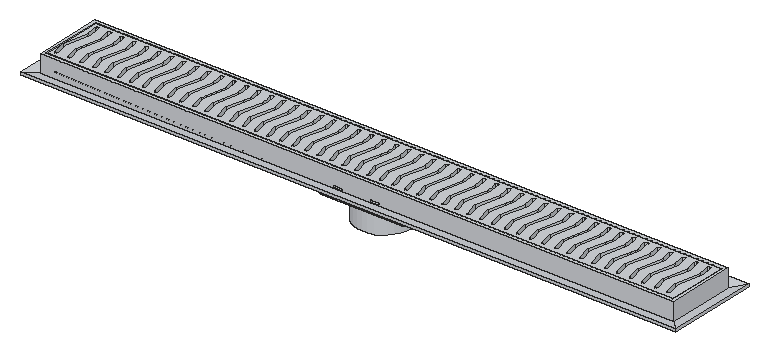
Revit family "Ralo Linear Grelha Branca - Caixas e Ralos - Esgoto - MEP - Tigre", category Plumbing Fixtures, host Face, Revit 2022
Family settings
  Host = Face
  Round Connector Dimension = Use Radius
  Part Type = Normal
  Cut with Voids When Loaded = Yes
  Maintain Annotation Orientation = No
  Shared = No
  Room Calculation Point = No
Parameters (values of type "RALO LINEAR 50CM FLAT GRELHA BRANCA CB")
  Vazios Grelha = 25
  URL = "http://www.tigre.com.br"
  Tigre: Sistema = "Esgoto"  # constant formula
  Tigre: Norma = ""
  Tigre: Material = "PVC Branco"
  Tigre: Marcador = "00"
  Tigre: Link do Produto = "http://www.tigre.com.br/pt/produtos_unico.php?rcr_id=4&cpr_id=10&cpr_id_pai=4&lnh_id=11&prd_id=129"
  Tigre: Linha = "Caixas e Ralos"  # constant formula
  Tigre: Fabricante = "© Tigre S/A"  # constant formula
  Tigre: Descrição = "Ralo Linear Grelha Branca 50cm, Esgoto - TIGRE"
  Tigre: Código com Separador = "100.01.890.2"
  Tigre: Código = 100018902
  Tigre: Comentários = ""
  Raio Nominal = Diâmetro Nominal / 2  # 20.00 mm
  Model = ""
  Manufacturer = Tigre: Fabricante  # "© Tigre S/A"
  Grelha [instance] = none
  Diâmetro Nominal = 40.00 mm
  Description = Tigre: Descrição  # "Ralo Linear Grelha Branca 50cm, Esgoto - TIGRE"
  Default Elevation = 0.00 mm
  Cota L = 503.00 mm
  Caixas e Ralos [instance] = none
Reference planes
  plane 1 "Center (Front/Back)": y = 0
  plane 2: z = 0
  plane 3 "Center (Left/Right)": x = 0
  plane 4: z = -100
  plane 5: z = 0
  plane 6: z = -25
  plane 7: z = 0
  plane 8: z = -12.46
  plane 9: z = -29.088
  plane 10: z = -32.467
  plane 11: x = -254
  plane 12: x = -251.5
  plane 13: x = 254
  plane 14: x = 251.5
  plane 15: y = 27.5
  plane 16: y = 25
  plane 17: y = -27.5
  plane 18: y = -25
  plane 19: z = -41
  plane 20: x = -250.999
  plane 21: y = 24.5
  plane 22: y = -24.5
  plane 23: x = 251
  plane 24: x = -263
  plane 25: y = 36.5
  plane 26: y = -36.5
  plane 27: x = 263
  plane 28: x = -65.5
  plane 29: x = -145.5
  plane 30: x = -225.5
  plane 31: x = 65.5
  plane 32: x = 145.5
  plane 33: x = 225.5
Forms (mm)
  Blend 1, solid, material <- "Caixas e Ralos", detail levels fine
    base sketch origin (0, 0, 6.5) x (0, 1, 0) y (0, 0, 1)
      loop
        line (-27.5, -6.5) -> (-27.5, -21.002) -> (-17.424, -21.002) -> (-16.876, -22.911)
        arc (-16.876, -22.911) -> (-16.157, -23.957) -> (-14.954, -24.36) r 2
        line (-14.954, -24.36) -> (14.954, -24.36)
        arc (14.954, -24.36) -> (16.157, -23.957) -> (16.876, -22.911) r 2
        line (16.876, -22.911) -> (17.424, -21.002) -> (27.5, -21.002) -> (27.5, -6.5) -> (-27.5, -6.5)
    top sketch origin (0, 0, 6.5) x (0, 1, 0) y (0, 0, 1)
      loop
        line (-27.5, -6.5) -> (-27.5, -21.301) -> (-20.644, -21.301) -> (-18.902, -27.301)
        arc (-18.902, -27.301) -> (-18.221, -28.447) -> (-16.966, -28.897) r 1.972
        line (-16.966, -28.897) -> (16.984, -28.897)
        arc (16.984, -28.897) -> (18.237, -28.447) -> (18.918, -27.304) r 1.97
        line (18.918, -27.304) -> (20.644, -21.301) -> (27.5, -21.301) -> (27.5, -6.5) -> (-27.5, -6.5)
    from 251.5 to 0
  Extrusion 2, solid, material <- "Caixas e Ralos", detail levels fine
    sketch origin (0, 0, 6.5) x (0, 1, 0) y (0, 0, 1)
      loop
        line (-27.5, -6.5) -> (-27.5, -21.002) -> (-17.424, -21.002) -> (-16.876, -22.911)
        arc (-16.876, -22.911) -> (-16.157, -23.957) -> (-14.954, -24.36) r 2
        line (-14.954, -24.36) -> (14.954, -24.36)
        arc (14.954, -24.36) -> (16.157, -23.957) -> (16.876, -22.911) r 2
        line (16.876, -22.911) -> (17.424, -21.002) -> (27.5, -21.002) -> (27.5, -6.5) -> (-27.5, -6.5)
    from 251.5 to 254
  Blend 3, solid, material <- "Caixas e Ralos", detail levels fine
    base sketch origin (0, 0, 6.5) x (0, 1, 0) y (0, 0, -1)
      loop
        line (-27.5, 6.5) -> (27.5, 6.5) -> (27.5, 21.002) -> (17.424, 21.002) -> (16.876, 22.911)
        arc (16.876, 22.911) -> (16.157, 23.957) -> (14.954, 24.36) r 2
        line (14.954, 24.36) -> (-14.954, 24.36)
        arc (-14.954, 24.36) -> (-16.157, 23.957) -> (-16.876, 22.911) r 2
        line (-16.876, 22.911) -> (-17.424, 21.002) -> (-27.5, 21.002) -> (-27.5, 6.5)
    top sketch origin (0, 0, 6.5) x (0, 1, 0) y (0, 0, -1)
      loop
        line (-27.5, 6.5) -> (27.5, 6.5) -> (27.5, 21.301) -> (20.644, 21.301) -> (18.918, 27.304)
        arc (18.918, 27.304) -> (18.237, 28.447) -> (16.984, 28.897) r 1.97
        line (16.984, 28.897) -> (-16.966, 28.897)
        arc (-16.966, 28.897) -> (-18.221, 28.447) -> (-18.902, 27.301) r 1.972
        line (-18.902, 27.301) -> (-20.644, 21.301) -> (-27.5, 21.301) -> (-27.5, 6.5)
    from 251.5 to 0
  Blend 4, void
    base sketch origin (0, 0, 6.5) x (0, 1, 0) y (0, 0, -1)
      loop
        line (25, 6.5) -> (25, 18.502) -> (15.54, 18.502) -> (14.577, 21.86) -> (-14.577, 21.86) -> (-15.54, 18.502) -> (-25, 18.502) -> (-25, 6.5) -> (25, 6.5)
    top sketch origin (0, 0, 6.5) x (0, 1, 0) y (0, 0, -1)
      loop
        line (25, 18.801) -> (18.762, 18.801) -> (16.577, 26.397) -> (-16.562, 26.397) -> (-18.767, 18.801) -> (-25, 18.801) -> (-25, 6.5) -> (25, 6.5) -> (25, 18.801)
    from 251.5 to 0
  Extrusion 5, solid, material <- "Caixas e Ralos", detail levels fine
    sketch origin (0, 0, 6.5) x (0, 1, 0) y (0, 0, -1)
      loop
        line (-27.5, 6.5) -> (27.5, 6.5) -> (27.5, 21.002) -> (17.424, 21.002) -> (16.876, 22.911)
        arc (16.876, 22.911) -> (16.157, 23.957) -> (14.954, 24.36) r 2
        line (14.954, 24.36) -> (-14.954, 24.36)
        arc (-14.954, 24.36) -> (-16.157, 23.957) -> (-16.876, 22.911) r 2
        line (-16.876, 22.911) -> (-17.424, 21.002) -> (-27.5, 21.002) -> (-27.5, 6.5)
    from 251.5 to 254
  Extrusion 6, solid, material <- "Caixas e Ralos", detail levels fine
    sketch origin (-193.051, -4572, -2.502) x (-1, 0, 0) y (0, -1, 0)
      loop
        line (-154.333, -4587.145) -> (-154.333, -4556.855)
        arc (-154.333, -4556.855) -> (-156.676, -4551.199) -> (-162.333, -4548.855) r 8
        line (-162.333, -4548.855) -> (-223.768, -4548.855)
        arc (-223.768, -4548.855) -> (-229.425, -4551.199) -> (-231.768, -4556.855) r 8
        line (-231.768, -4556.855) -> (-231.768, -4587.145)
        arc (-231.768, -4587.145) -> (-229.425, -4592.801) -> (-223.768, -4595.145) r 8
        line (-223.768, -4595.145) -> (-162.333, -4595.145)
        arc (-162.333, -4595.145) -> (-156.676, -4592.801) -> (-154.333, -4587.145) r 8
      loop
        line (-156.833, -4587.145) -> (-156.833, -4556.855)
        arc (-156.833, -4556.855) -> (-158.444, -4552.966) -> (-162.333, -4551.355) r 5.5
        line (-162.333, -4551.355) -> (-223.768, -4551.355)
        arc (-223.768, -4551.355) -> (-227.657, -4552.966) -> (-229.268, -4556.855) r 5.5
        line (-229.268, -4556.855) -> (-229.268, -4587.145)
        arc (-229.268, -4587.145) -> (-227.657, -4591.034) -> (-223.768, -4592.645) r 5.5
        line (-223.768, -4592.645) -> (-162.333, -4592.645)
        arc (-162.333, -4592.645) -> (-158.444, -4591.034) -> (-156.833, -4587.145) r 5.5
    from -20.216 to -9.958
  Extrusion 7, solid, material <- "Caixas e Ralos", detail levels fine
    sketch origin (-193.051, -4572, -2.502) x (-1, 0, 0) y (0, -1, 0)
      loop
        line (-154.333, -4587.145) -> (-154.333, -4556.855)
        arc (-154.333, -4556.855) -> (-156.676, -4551.199) -> (-162.333, -4548.855) r 8
        line (-162.333, -4548.855) -> (-223.768, -4548.855)
        arc (-223.768, -4548.855) -> (-229.425, -4551.199) -> (-231.768, -4556.855) r 8
        line (-231.768, -4556.855) -> (-231.768, -4587.145)
        arc (-231.768, -4587.145) -> (-229.425, -4592.801) -> (-223.768, -4595.145) r 8
        line (-223.768, -4595.145) -> (-162.333, -4595.145)
        arc (-162.333, -4595.145) -> (-156.676, -4592.801) -> (-154.333, -4587.145) r 8
      loop
        circle (-193.051, -4572) r 20
    from -22.498 to -20.216
  Extrusion 8, solid, material <- "Caixas e Ralos", detail levels fine
    sketch origin (-193.051, -4572, -2.502) x (-1, 0, 0) y (0, -1, 0)
      loop
        circle (-193.051, -4572) r 20
      loop
        circle (-193.051, -4572) r 22
    from -38.498 to -22.498
  Extrusion 9, void
    sketch origin (-193.051, -4572, -2.502) x (-1, 0, 0) y (0, -1, 0)
      loop
        circle (-193.051, -4572) r 19
    from -22.498 to -16.798
  Extrusion 10, solid, material <- "Caixas e Ralos", detail levels fine
    sketch origin (-193.051, -4572, -2.502) x (-1, 0, 0) y (0, -1, 0)
      loop
        line (69.949, -4608.5) -> (69.949, -4535.5) -> (-456.051, -4535.5) -> (-456.051, -4608.5) -> (69.949, -4608.5)
      loop
        line (-447.051, -4599.5) -> (60.949, -4599.5) -> (60.949, -4544.5) -> (-447.051, -4544.5) -> (-447.051, -4599.5)
    from -12 to -9.958
  Extrusion 11, solid, material <- "Grelha", detail levels fine
    sketch origin (-193.051, -4572, -9.002) x (-1, 0, 0) y (0, -1, 0)
      loop
        line (57.949, -4596.5) -> (57.949, -4547.5) -> (-444.051, -4547.5) -> (-444.051, -4596.5) -> (57.949, -4596.5)
    from 0 to 9.002
  Extrusion 12, void
    sketch origin (-183.051, -4572, -9.002) x (-1, 0, 0) y (0, -1, 0)
      loop
        line (-175.673, -4591.389) -> (-177.204, -4582.705) -> (-172.709, -4563.237) -> (-175.57, -4551.858)
        arc (-175.57, -4551.858) -> (-177.239, -4550.86) -> (-178.237, -4552.528) r 1.375
        line (-178.237, -4552.528) -> (-175.538, -4563.264) -> (-180.009, -4582.632) -> (-178.381, -4591.866)
        arc (-178.381, -4591.866) -> (-176.788, -4592.982) -> (-175.673, -4591.389) r 1.375
    from 0 to 9.002
  Extrusion 13, void
    sketch origin (-193.076, -4572, -9.002) x (-1, 0, 0) y (0, -1, 0)
      loop
        line (-175.673, -4591.389) -> (-177.204, -4582.705) -> (-172.709, -4563.237) -> (-175.57, -4551.858)
        arc (-175.57, -4551.858) -> (-177.239, -4550.86) -> (-178.237, -4552.528) r 1.375
        line (-178.237, -4552.528) -> (-175.538, -4563.264) -> (-180.009, -4582.632) -> (-178.381, -4591.866)
        arc (-178.381, -4591.866) -> (-176.788, -4592.982) -> (-175.673, -4591.389) r 1.375
    from 0 to 9.002
  Extrusion 14, void
    sketch origin (-203.101, -4572, -9.002) x (-1, 0, 0) y (0, -1, 0)
      loop
        line (-175.673, -4591.389) -> (-177.204, -4582.705) -> (-172.709, -4563.237) -> (-175.57, -4551.858)
        arc (-175.57, -4551.858) -> (-177.239, -4550.86) -> (-178.237, -4552.528) r 1.375
        line (-178.237, -4552.528) -> (-175.538, -4563.264) -> (-180.009, -4582.632) -> (-178.381, -4591.866)
        arc (-178.381, -4591.866) -> (-176.788, -4592.982) -> (-175.673, -4591.389) r 1.375
    from 0 to 9.002
  Extrusion 15, void
    sketch origin (-213.126, -4572, -9.002) x (-1, 0, 0) y (0, -1, 0)
      loop
        line (-175.673, -4591.389) -> (-177.204, -4582.705) -> (-172.709, -4563.237) -> (-175.57, -4551.858)
        arc (-175.57, -4551.858) -> (-177.239, -4550.86) -> (-178.237, -4552.528) r 1.375
        line (-178.237, -4552.528) -> (-175.538, -4563.264) -> (-180.009, -4582.632) -> (-178.381, -4591.866)
        arc (-178.381, -4591.866) -> (-176.788, -4592.982) -> (-175.673, -4591.389) r 1.375
    from 0 to 9.002
  Extrusion 16, void
    sketch origin (-223.151, -4572, -9.002) x (-1, 0, 0) y (0, -1, 0)
      loop
        line (-175.673, -4591.389) -> (-177.204, -4582.705) -> (-172.709, -4563.237) -> (-175.57, -4551.858)
        arc (-175.57, -4551.858) -> (-177.239, -4550.86) -> (-178.237, -4552.528) r 1.375
        line (-178.237, -4552.528) -> (-175.538, -4563.264) -> (-180.009, -4582.632) -> (-178.381, -4591.866)
        arc (-178.381, -4591.866) -> (-176.788, -4592.982) -> (-175.673, -4591.389) r 1.375
    from 0 to 9.002
  Extrusion 17, void
    sketch origin (-233.176, -4572, -9.002) x (-1, 0, 0) y (0, -1, 0)
      loop
        line (-175.673, -4591.389) -> (-177.204, -4582.705) -> (-172.709, -4563.237) -> (-175.57, -4551.858)
        arc (-175.57, -4551.858) -> (-177.239, -4550.86) -> (-178.237, -4552.528) r 1.375
        line (-178.237, -4552.528) -> (-175.538, -4563.264) -> (-180.009, -4582.632) -> (-178.381, -4591.866)
        arc (-178.381, -4591.866) -> (-176.788, -4592.982) -> (-175.673, -4591.389) r 1.375
    from 0 to 9.002
  Extrusion 18, void
    sketch origin (-243.202, -4572, -9.002) x (-1, 0, 0) y (0, -1, 0)
      loop
        line (-175.673, -4591.389) -> (-177.204, -4582.705) -> (-172.709, -4563.237) -> (-175.57, -4551.858)
        arc (-175.57, -4551.858) -> (-177.239, -4550.86) -> (-178.237, -4552.528) r 1.375
        line (-178.237, -4552.528) -> (-175.538, -4563.264) -> (-180.009, -4582.632) -> (-178.381, -4591.866)
        arc (-178.381, -4591.866) -> (-176.788, -4592.982) -> (-175.673, -4591.389) r 1.375
    from 0 to 9.002
  Extrusion 19, void
    sketch origin (-253.227, -4572, -9.002) x (-1, 0, 0) y (0, -1, 0)
      loop
        line (-175.673, -4591.389) -> (-177.204, -4582.705) -> (-172.709, -4563.237) -> (-175.57, -4551.858)
        arc (-175.57, -4551.858) -> (-177.239, -4550.86) -> (-178.237, -4552.528) r 1.375
        line (-178.237, -4552.528) -> (-175.538, -4563.264) -> (-180.009, -4582.632) -> (-178.381, -4591.866)
        arc (-178.381, -4591.866) -> (-176.788, -4592.982) -> (-175.673, -4591.389) r 1.375
    from 0 to 9.002
  Extrusion 20, void
    sketch origin (-263.252, -4572, -9.002) x (-1, 0, 0) y (0, -1, 0)
      loop
        line (-175.673, -4591.389) -> (-177.204, -4582.705) -> (-172.709, -4563.237) -> (-175.57, -4551.858)
        arc (-175.57, -4551.858) -> (-177.239, -4550.86) -> (-178.237, -4552.528) r 1.375
        line (-178.237, -4552.528) -> (-175.538, -4563.264) -> (-180.009, -4582.632) -> (-178.381, -4591.866)
        arc (-178.381, -4591.866) -> (-176.788, -4592.982) -> (-175.673, -4591.389) r 1.375
    from 0 to 9.002
  Extrusion 21, void
    sketch origin (-273.277, -4572, -9.002) x (-1, 0, 0) y (0, -1, 0)
      loop
        line (-175.673, -4591.389) -> (-177.204, -4582.705) -> (-172.709, -4563.237) -> (-175.57, -4551.858)
        arc (-175.57, -4551.858) -> (-177.239, -4550.86) -> (-178.237, -4552.528) r 1.375
        line (-178.237, -4552.528) -> (-175.538, -4563.264) -> (-180.009, -4582.632) -> (-178.381, -4591.866)
        arc (-178.381, -4591.866) -> (-176.788, -4592.982) -> (-175.673, -4591.389) r 1.375
    from 0 to 9.002
  Extrusion 22, void
    sketch origin (-283.302, -4572, -9.002) x (-1, 0, 0) y (0, -1, 0)
      loop
        line (-175.673, -4591.389) -> (-177.204, -4582.705) -> (-172.709, -4563.237) -> (-175.57, -4551.858)
        arc (-175.57, -4551.858) -> (-177.239, -4550.86) -> (-178.237, -4552.528) r 1.375
        line (-178.237, -4552.528) -> (-175.538, -4563.264) -> (-180.009, -4582.632) -> (-178.381, -4591.866)
        arc (-178.381, -4591.866) -> (-176.788, -4592.982) -> (-175.673, -4591.389) r 1.375
    from 0 to 9.002
  Extrusion 23, void
    sketch origin (-293.327, -4572, -9.002) x (-1, 0, 0) y (0, -1, 0)
      loop
        line (-175.673, -4591.389) -> (-177.204, -4582.705) -> (-172.709, -4563.237) -> (-175.57, -4551.858)
        arc (-175.57, -4551.858) -> (-177.239, -4550.86) -> (-178.237, -4552.528) r 1.375
        line (-178.237, -4552.528) -> (-175.538, -4563.264) -> (-180.009, -4582.632) -> (-178.381, -4591.866)
        arc (-178.381, -4591.866) -> (-176.788, -4592.982) -> (-175.673, -4591.389) r 1.375
    from 0 to 9.002
  Extrusion 24, void
    sketch origin (-303.352, -4572, -9.002) x (-1, 0, 0) y (0, -1, 0)
      loop
        line (-175.673, -4591.389) -> (-177.204, -4582.705) -> (-172.709, -4563.237) -> (-175.57, -4551.858)
        arc (-175.57, -4551.858) -> (-177.239, -4550.86) -> (-178.237, -4552.528) r 1.375
        line (-178.237, -4552.528) -> (-175.538, -4563.264) -> (-180.009, -4582.632) -> (-178.381, -4591.866)
        arc (-178.381, -4591.866) -> (-176.788, -4592.982) -> (-175.673, -4591.389) r 1.375
    from 0 to 9.002
  Extrusion 25, void
    sketch origin (-313.378, -4572, -9.002) x (-1, 0, 0) y (0, -1, 0)
      loop
        line (-175.673, -4591.389) -> (-177.204, -4582.705) -> (-172.709, -4563.237) -> (-175.57, -4551.858)
        arc (-175.57, -4551.858) -> (-177.239, -4550.86) -> (-178.237, -4552.528) r 1.375
        line (-178.237, -4552.528) -> (-175.538, -4563.264) -> (-180.009, -4582.632) -> (-178.381, -4591.866)
        arc (-178.381, -4591.866) -> (-176.788, -4592.982) -> (-175.673, -4591.389) r 1.375
    from 0 to 9.002
  Extrusion 26, void
    sketch origin (-323.403, -4572, -9.002) x (-1, 0, 0) y (0, -1, 0)
      loop
        line (-175.673, -4591.389) -> (-177.204, -4582.705) -> (-172.709, -4563.237) -> (-175.57, -4551.858)
        arc (-175.57, -4551.858) -> (-177.239, -4550.86) -> (-178.237, -4552.528) r 1.375
        line (-178.237, -4552.528) -> (-175.538, -4563.264) -> (-180.009, -4582.632) -> (-178.381, -4591.866)
        arc (-178.381, -4591.866) -> (-176.788, -4592.982) -> (-175.673, -4591.389) r 1.375
    from 0 to 9.002
  Extrusion 27, void
    sketch origin (-333.428, -4572, -9.002) x (-1, 0, 0) y (0, -1, 0)
      loop
        line (-175.673, -4591.389) -> (-177.204, -4582.705) -> (-172.709, -4563.237) -> (-175.57, -4551.858)
        arc (-175.57, -4551.858) -> (-177.239, -4550.86) -> (-178.237, -4552.528) r 1.375
        line (-178.237, -4552.528) -> (-175.538, -4563.264) -> (-180.009, -4582.632) -> (-178.381, -4591.866)
        arc (-178.381, -4591.866) -> (-176.788, -4592.982) -> (-175.673, -4591.389) r 1.375
    from 0 to 9.002
  Extrusion 28, void
    sketch origin (-343.453, -4572, -9.002) x (-1, 0, 0) y (0, -1, 0)
      loop
        line (-175.673, -4591.389) -> (-177.204, -4582.705) -> (-172.709, -4563.237) -> (-175.57, -4551.858)
        arc (-175.57, -4551.858) -> (-177.239, -4550.86) -> (-178.237, -4552.528) r 1.375
        line (-178.237, -4552.528) -> (-175.538, -4563.264) -> (-180.009, -4582.632) -> (-178.381, -4591.866)
        arc (-178.381, -4591.866) -> (-176.788, -4592.982) -> (-175.673, -4591.389) r 1.375
    from 0 to 9.002
  Extrusion 29, void
    sketch origin (-353.478, -4572, -9.002) x (-1, 0, 0) y (0, -1, 0)
      loop
        line (-175.673, -4591.389) -> (-177.204, -4582.705) -> (-172.709, -4563.237) -> (-175.57, -4551.858)
        arc (-175.57, -4551.858) -> (-177.239, -4550.86) -> (-178.237, -4552.528) r 1.375
        line (-178.237, -4552.528) -> (-175.538, -4563.264) -> (-180.009, -4582.632) -> (-178.381, -4591.866)
        arc (-178.381, -4591.866) -> (-176.788, -4592.982) -> (-175.673, -4591.389) r 1.375
    from 0 to 9.002
  Extrusion 30, void
    sketch origin (-363.503, -4572, -9.002) x (-1, 0, 0) y (0, -1, 0)
      loop
        line (-175.673, -4591.389) -> (-177.204, -4582.705) -> (-172.709, -4563.237) -> (-175.57, -4551.858)
        arc (-175.57, -4551.858) -> (-177.239, -4550.86) -> (-178.237, -4552.528) r 1.375
        line (-178.237, -4552.528) -> (-175.538, -4563.264) -> (-180.009, -4582.632) -> (-178.381, -4591.866)
        arc (-178.381, -4591.866) -> (-176.788, -4592.982) -> (-175.673, -4591.389) r 1.375
    from 0 to 9.002
  Extrusion 31, void
    sketch origin (-373.528, -4572, -9.002) x (-1, 0, 0) y (0, -1, 0)
      loop
        line (-175.673, -4591.389) -> (-177.204, -4582.705) -> (-172.709, -4563.237) -> (-175.57, -4551.858)
        arc (-175.57, -4551.858) -> (-177.239, -4550.86) -> (-178.237, -4552.528) r 1.375
        line (-178.237, -4552.528) -> (-175.538, -4563.264) -> (-180.009, -4582.632) -> (-178.381, -4591.866)
        arc (-178.381, -4591.866) -> (-176.788, -4592.982) -> (-175.673, -4591.389) r 1.375
    from 0 to 9.002
  Extrusion 32, void
    sketch origin (-383.554, -4572, -9.002) x (-1, 0, 0) y (0, -1, 0)
      loop
        line (-175.673, -4591.389) -> (-177.204, -4582.705) -> (-172.709, -4563.237) -> (-175.57, -4551.858)
        arc (-175.57, -4551.858) -> (-177.239, -4550.86) -> (-178.237, -4552.528) r 1.375
        line (-178.237, -4552.528) -> (-175.538, -4563.264) -> (-180.009, -4582.632) -> (-178.381, -4591.866)
        arc (-178.381, -4591.866) -> (-176.788, -4592.982) -> (-175.673, -4591.389) r 1.375
    from 0 to 9.002
  Extrusion 33, void
    sketch origin (-393.579, -4572, -9.002) x (-1, 0, 0) y (0, -1, 0)
      loop
        line (-175.673, -4591.389) -> (-177.204, -4582.705) -> (-172.709, -4563.237) -> (-175.57, -4551.858)
        arc (-175.57, -4551.858) -> (-177.239, -4550.86) -> (-178.237, -4552.528) r 1.375
        line (-178.237, -4552.528) -> (-175.538, -4563.264) -> (-180.009, -4582.632) -> (-178.381, -4591.866)
        arc (-178.381, -4591.866) -> (-176.788, -4592.982) -> (-175.673, -4591.389) r 1.375
    from 0 to 9.002
  Extrusion 34, void
    sketch origin (-403.604, -4572, -9.002) x (-1, 0, 0) y (0, -1, 0)
      loop
        line (-175.673, -4591.389) -> (-177.204, -4582.705) -> (-172.709, -4563.237) -> (-175.57, -4551.858)
        arc (-175.57, -4551.858) -> (-177.239, -4550.86) -> (-178.237, -4552.528) r 1.375
        line (-178.237, -4552.528) -> (-175.538, -4563.264) -> (-180.009, -4582.632) -> (-178.381, -4591.866)
        arc (-178.381, -4591.866) -> (-176.788, -4592.982) -> (-175.673, -4591.389) r 1.375
    from 0 to 9.002
  Extrusion 35, void
    sketch origin (-413.629, -4572, -9.002) x (-1, 0, 0) y (0, -1, 0)
      loop
        line (-175.673, -4591.389) -> (-177.204, -4582.705) -> (-172.709, -4563.237) -> (-175.57, -4551.858)
        arc (-175.57, -4551.858) -> (-177.239, -4550.86) -> (-178.237, -4552.528) r 1.375
        line (-178.237, -4552.528) -> (-175.538, -4563.264) -> (-180.009, -4582.632) -> (-178.381, -4591.866)
        arc (-178.381, -4591.866) -> (-176.788, -4592.982) -> (-175.673, -4591.389) r 1.375
    from 0 to 9.002
  Extrusion 36, void
    sketch origin (-423.654, -4572, -9.002) x (-1, 0, 0) y (0, -1, 0)
      loop
        line (-175.673, -4591.389) -> (-177.204, -4582.705) -> (-172.709, -4563.237) -> (-175.57, -4551.858)
        arc (-175.57, -4551.858) -> (-177.239, -4550.86) -> (-178.237, -4552.528) r 1.375
        line (-178.237, -4552.528) -> (-175.538, -4563.264) -> (-180.009, -4582.632) -> (-178.381, -4591.866)
        arc (-178.381, -4591.866) -> (-176.788, -4592.982) -> (-175.673, -4591.389) r 1.375
    from 0 to 9.002
  Extrusion 37, void
    sketch origin (-173.026, -4572, -9.002) x (-1, 0, 0) y (0, -1, 0)
      loop
        line (-175.673, -4591.389) -> (-177.204, -4582.705) -> (-172.709, -4563.237) -> (-175.57, -4551.858)
        arc (-175.57, -4551.858) -> (-177.239, -4550.86) -> (-178.237, -4552.528) r 1.375
        line (-178.237, -4552.528) -> (-175.538, -4563.264) -> (-180.009, -4582.632) -> (-178.381, -4591.866)
        arc (-178.381, -4591.866) -> (-176.788, -4592.982) -> (-175.673, -4591.389) r 1.375
    from 0 to 9.002
  Extrusion 38, void
    sketch origin (-163, -4572, -9.002) x (-1, 0, 0) y (0, -1, 0)
      loop
        line (-175.673, -4591.389) -> (-177.204, -4582.705) -> (-172.709, -4563.237) -> (-175.57, -4551.858)
        arc (-175.57, -4551.858) -> (-177.239, -4550.86) -> (-178.237, -4552.528) r 1.375
        line (-178.237, -4552.528) -> (-175.538, -4563.264) -> (-180.009, -4582.632) -> (-178.381, -4591.866)
        arc (-178.381, -4591.866) -> (-176.788, -4592.982) -> (-175.673, -4591.389) r 1.375
    from 0 to 9.002
  Extrusion 39, void
    sketch origin (-152.975, -4572, -9.002) x (-1, 0, 0) y (0, -1, 0)
      loop
        line (-175.673, -4591.389) -> (-177.204, -4582.705) -> (-172.709, -4563.237) -> (-175.57, -4551.858)
        arc (-175.57, -4551.858) -> (-177.239, -4550.86) -> (-178.237, -4552.528) r 1.375
        line (-178.237, -4552.528) -> (-175.538, -4563.264) -> (-180.009, -4582.632) -> (-178.381, -4591.866)
        arc (-178.381, -4591.866) -> (-176.788, -4592.982) -> (-175.673, -4591.389) r 1.375
    from 0 to 9.002
  Extrusion 40, void
    sketch origin (-142.95, -4572, -9.002) x (-1, 0, 0) y (0, -1, 0)
      loop
        line (-175.673, -4591.389) -> (-177.204, -4582.705) -> (-172.709, -4563.237) -> (-175.57, -4551.858)
        arc (-175.57, -4551.858) -> (-177.239, -4550.86) -> (-178.237, -4552.528) r 1.375
        line (-178.237, -4552.528) -> (-175.538, -4563.264) -> (-180.009, -4582.632) -> (-178.381, -4591.866)
        arc (-178.381, -4591.866) -> (-176.788, -4592.982) -> (-175.673, -4591.389) r 1.375
    from 0 to 9.002
  Extrusion 41, void
    sketch origin (-132.925, -4572, -9.002) x (-1, 0, 0) y (0, -1, 0)
      loop
        line (-175.673, -4591.389) -> (-177.204, -4582.705) -> (-172.709, -4563.237) -> (-175.57, -4551.858)
        arc (-175.57, -4551.858) -> (-177.239, -4550.86) -> (-178.237, -4552.528) r 1.375
        line (-178.237, -4552.528) -> (-175.538, -4563.264) -> (-180.009, -4582.632) -> (-178.381, -4591.866)
        arc (-178.381, -4591.866) -> (-176.788, -4592.982) -> (-175.673, -4591.389) r 1.375
    from 0 to 9.002
  Extrusion 42, void
    sketch origin (-122.9, -4572, -9.002) x (-1, 0, 0) y (0, -1, 0)
      loop
        line (-175.673, -4591.389) -> (-177.204, -4582.705) -> (-172.709, -4563.237) -> (-175.57, -4551.858)
        arc (-175.57, -4551.858) -> (-177.239, -4550.86) -> (-178.237, -4552.528) r 1.375
        line (-178.237, -4552.528) -> (-175.538, -4563.264) -> (-180.009, -4582.632) -> (-178.381, -4591.866)
        arc (-178.381, -4591.866) -> (-176.788, -4592.982) -> (-175.673, -4591.389) r 1.375
    from 0 to 9.002
  Extrusion 43, void
    sketch origin (-112.875, -4572, -9.002) x (-1, 0, 0) y (0, -1, 0)
      loop
        line (-175.673, -4591.389) -> (-177.204, -4582.705) -> (-172.709, -4563.237) -> (-175.57, -4551.858)
        arc (-175.57, -4551.858) -> (-177.239, -4550.86) -> (-178.237, -4552.528) r 1.375
        line (-178.237, -4552.528) -> (-175.538, -4563.264) -> (-180.009, -4582.632) -> (-178.381, -4591.866)
        arc (-178.381, -4591.866) -> (-176.788, -4592.982) -> (-175.673, -4591.389) r 1.375
    from 0 to 9.002
  Extrusion 44, void
    sketch origin (-102.85, -4572, -9.002) x (-1, 0, 0) y (0, -1, 0)
      loop
        line (-175.673, -4591.389) -> (-177.204, -4582.705) -> (-172.709, -4563.237) -> (-175.57, -4551.858)
        arc (-175.57, -4551.858) -> (-177.239, -4550.86) -> (-178.237, -4552.528) r 1.375
        line (-178.237, -4552.528) -> (-175.538, -4563.264) -> (-180.009, -4582.632) -> (-178.381, -4591.866)
        arc (-178.381, -4591.866) -> (-176.788, -4592.982) -> (-175.673, -4591.389) r 1.375
    from 0 to 9.002
  Extrusion 45, void
    sketch origin (-92.824, -4572, -9.002) x (-1, 0, 0) y (0, -1, 0)
      loop
        line (-175.673, -4591.389) -> (-177.204, -4582.705) -> (-172.709, -4563.237) -> (-175.57, -4551.858)
        arc (-175.57, -4551.858) -> (-177.239, -4550.86) -> (-178.237, -4552.528) r 1.375
        line (-178.237, -4552.528) -> (-175.538, -4563.264) -> (-180.009, -4582.632) -> (-178.381, -4591.866)
        arc (-178.381, -4591.866) -> (-176.788, -4592.982) -> (-175.673, -4591.389) r 1.375
    from 0 to 9.002
  Extrusion 46, void
    sketch origin (-82.799, -4572, -9.002) x (-1, 0, 0) y (0, -1, 0)
      loop
        line (-175.673, -4591.389) -> (-177.204, -4582.705) -> (-172.709, -4563.237) -> (-175.57, -4551.858)
        arc (-175.57, -4551.858) -> (-177.239, -4550.86) -> (-178.237, -4552.528) r 1.375
        line (-178.237, -4552.528) -> (-175.538, -4563.264) -> (-180.009, -4582.632) -> (-178.381, -4591.866)
        arc (-178.381, -4591.866) -> (-176.788, -4592.982) -> (-175.673, -4591.389) r 1.375
    from 0 to 9.002
  Extrusion 47, void
    sketch origin (-72.774, -4572, -9.002) x (-1, 0, 0) y (0, -1, 0)
      loop
        line (-175.673, -4591.389) -> (-177.204, -4582.705) -> (-172.709, -4563.237) -> (-175.57, -4551.858)
        arc (-175.57, -4551.858) -> (-177.239, -4550.86) -> (-178.237, -4552.528) r 1.375
        line (-178.237, -4552.528) -> (-175.538, -4563.264) -> (-180.009, -4582.632) -> (-178.381, -4591.866)
        arc (-178.381, -4591.866) -> (-176.788, -4592.982) -> (-175.673, -4591.389) r 1.375
    from 0 to 9.002
  Extrusion 48, void
    sketch origin (-62.749, -4572, -9.002) x (-1, 0, 0) y (0, -1, 0)
      loop
        line (-175.673, -4591.389) -> (-177.204, -4582.705) -> (-172.709, -4563.237) -> (-175.57, -4551.858)
        arc (-175.57, -4551.858) -> (-177.239, -4550.86) -> (-178.237, -4552.528) r 1.375
        line (-178.237, -4552.528) -> (-175.538, -4563.264) -> (-180.009, -4582.632) -> (-178.381, -4591.866)
        arc (-178.381, -4591.866) -> (-176.788, -4592.982) -> (-175.673, -4591.389) r 1.375
    from 0 to 9.002
  Extrusion 49, void
    sketch origin (-52.724, -4572, -9.002) x (-1, 0, 0) y (0, -1, 0)
      loop
        line (-175.673, -4591.389) -> (-177.204, -4582.705) -> (-172.709, -4563.237) -> (-175.57, -4551.858)
        arc (-175.57, -4551.858) -> (-177.239, -4550.86) -> (-178.237, -4552.528) r 1.375
        line (-178.237, -4552.528) -> (-175.538, -4563.264) -> (-180.009, -4582.632) -> (-178.381, -4591.866)
        arc (-178.381, -4591.866) -> (-176.788, -4592.982) -> (-175.673, -4591.389) r 1.375
    from 0 to 9.002
  Extrusion 50, void
    sketch origin (-42.699, -4572, -9.002) x (-1, 0, 0) y (0, -1, 0)
      loop
        line (-175.673, -4591.389) -> (-177.204, -4582.705) -> (-172.709, -4563.237) -> (-175.57, -4551.858)
        arc (-175.57, -4551.858) -> (-177.239, -4550.86) -> (-178.237, -4552.528) r 1.375
        line (-178.237, -4552.528) -> (-175.538, -4563.264) -> (-180.009, -4582.632) -> (-178.381, -4591.866)
        arc (-178.381, -4591.866) -> (-176.788, -4592.982) -> (-175.673, -4591.389) r 1.375
    from 0 to 9.002
  Extrusion 51, void
    sketch origin (-32.674, -4572, -9.002) x (-1, 0, 0) y (0, -1, 0)
      loop
        line (-175.673, -4591.389) -> (-177.204, -4582.705) -> (-172.709, -4563.237) -> (-175.57, -4551.858)
        arc (-175.57, -4551.858) -> (-177.239, -4550.86) -> (-178.237, -4552.528) r 1.375
        line (-178.237, -4552.528) -> (-175.538, -4563.264) -> (-180.009, -4582.632) -> (-178.381, -4591.866)
        arc (-178.381, -4591.866) -> (-176.788, -4592.982) -> (-175.673, -4591.389) r 1.375
    from 0 to 9.002
  Extrusion 52, void
    sketch origin (-22.648, -4572, -9.002) x (-1, 0, 0) y (0, -1, 0)
      loop
        line (-175.673, -4591.389) -> (-177.204, -4582.705) -> (-172.709, -4563.237) -> (-175.57, -4551.858)
        arc (-175.57, -4551.858) -> (-177.239, -4550.86) -> (-178.237, -4552.528) r 1.375
        line (-178.237, -4552.528) -> (-175.538, -4563.264) -> (-180.009, -4582.632) -> (-178.381, -4591.866)
        arc (-178.381, -4591.866) -> (-176.788, -4592.982) -> (-175.673, -4591.389) r 1.375
    from 0 to 9.002
  Extrusion 53, void
    sketch origin (-12.623, -4572, -9.002) x (-1, 0, 0) y (0, -1, 0)
      loop
        line (-175.673, -4591.389) -> (-177.204, -4582.705) -> (-172.709, -4563.237) -> (-175.57, -4551.858)
        arc (-175.57, -4551.858) -> (-177.239, -4550.86) -> (-178.237, -4552.528) r 1.375
        line (-178.237, -4552.528) -> (-175.538, -4563.264) -> (-180.009, -4582.632) -> (-178.381, -4591.866)
        arc (-178.381, -4591.866) -> (-176.788, -4592.982) -> (-175.673, -4591.389) r 1.375
    from 0 to 9.002
  Extrusion 54, void
    sketch origin (-2.598, -4572, -9.002) x (-1, 0, 0) y (0, -1, 0)
      loop
        line (-175.673, -4591.389) -> (-177.204, -4582.705) -> (-172.709, -4563.237) -> (-175.57, -4551.858)
        arc (-175.57, -4551.858) -> (-177.239, -4550.86) -> (-178.237, -4552.528) r 1.375
        line (-178.237, -4552.528) -> (-175.538, -4563.264) -> (-180.009, -4582.632) -> (-178.381, -4591.866)
        arc (-178.381, -4591.866) -> (-176.788, -4592.982) -> (-175.673, -4591.389) r 1.375
    from 0 to 9.002
  Extrusion 55, void
    sketch origin (7.427, -4572, -9.002) x (-1, 0, 0) y (0, -1, 0)
      loop
        line (-175.673, -4591.389) -> (-177.204, -4582.705) -> (-172.709, -4563.237) -> (-175.57, -4551.858)
        arc (-175.57, -4551.858) -> (-177.239, -4550.86) -> (-178.237, -4552.528) r 1.375
        line (-178.237, -4552.528) -> (-175.538, -4563.264) -> (-180.009, -4582.632) -> (-178.381, -4591.866)
        arc (-178.381, -4591.866) -> (-176.788, -4592.982) -> (-175.673, -4591.389) r 1.375
    from 0 to 9.002
  Extrusion 56, void
    sketch origin (17.452, -4572, -9.002) x (-1, 0, 0) y (0, -1, 0)
      loop
        line (-175.673, -4591.389) -> (-177.204, -4582.705) -> (-172.709, -4563.237) -> (-175.57, -4551.858)
        arc (-175.57, -4551.858) -> (-177.239, -4550.86) -> (-178.237, -4552.528) r 1.375
        line (-178.237, -4552.528) -> (-175.538, -4563.264) -> (-180.009, -4582.632) -> (-178.381, -4591.866)
        arc (-178.381, -4591.866) -> (-176.788, -4592.982) -> (-175.673, -4591.389) r 1.375
    from 0 to 9.002
  Extrusion 57, void
    sketch origin (27.477, -4572, -9.002) x (-1, 0, 0) y (0, -1, 0)
      loop
        line (-175.673, -4591.389) -> (-177.204, -4582.705) -> (-172.709, -4563.237) -> (-175.57, -4551.858)
        arc (-175.57, -4551.858) -> (-177.239, -4550.86) -> (-178.237, -4552.528) r 1.375
        line (-178.237, -4552.528) -> (-175.538, -4563.264) -> (-180.009, -4582.632) -> (-178.381, -4591.866)
        arc (-178.381, -4591.866) -> (-176.788, -4592.982) -> (-175.673, -4591.389) r 1.375
    from 0 to 9.002
  Extrusion 58, void
    sketch origin (37.502, -4572, -9.002) x (-1, 0, 0) y (0, -1, 0)
      loop
        line (-175.673, -4591.389) -> (-177.204, -4582.705) -> (-172.709, -4563.237) -> (-175.57, -4551.858)
        arc (-175.57, -4551.858) -> (-177.239, -4550.86) -> (-178.237, -4552.528) r 1.375
        line (-178.237, -4552.528) -> (-175.538, -4563.264) -> (-180.009, -4582.632) -> (-178.381, -4591.866)
        arc (-178.381, -4591.866) -> (-176.788, -4592.982) -> (-175.673, -4591.389) r 1.375
    from 0 to 9.002
  Extrusion 59, void
    sketch origin (47.528, -4572, -9.002) x (-1, 0, 0) y (0, -1, 0)
      loop
        line (-175.673, -4591.389) -> (-177.204, -4582.705) -> (-172.709, -4563.237) -> (-175.57, -4551.858)
        arc (-175.57, -4551.858) -> (-177.239, -4550.86) -> (-178.237, -4552.528) r 1.375
        line (-178.237, -4552.528) -> (-175.538, -4563.264) -> (-180.009, -4582.632) -> (-178.381, -4591.866)
        arc (-178.381, -4591.866) -> (-176.788, -4592.982) -> (-175.673, -4591.389) r 1.375
    from 0 to 9.002
  Extrusion 60, void
    sketch origin (57.553, -4572, -9.002) x (-1, 0, 0) y (0, -1, 0)
      loop
        line (-175.673, -4591.389) -> (-177.204, -4582.705) -> (-172.709, -4563.237) -> (-175.57, -4551.858)
        arc (-175.57, -4551.858) -> (-177.239, -4550.86) -> (-178.237, -4552.528) r 1.375
        line (-178.237, -4552.528) -> (-175.538, -4563.264) -> (-180.009, -4582.632) -> (-178.381, -4591.866)
        arc (-178.381, -4591.866) -> (-176.788, -4592.982) -> (-175.673, -4591.389) r 1.375
    from 0 to 9.002
  Extrusion 61, void
    sketch origin (67.578, -4572, -9.002) x (-1, 0, 0) y (0, -1, 0)
      loop
        line (-175.673, -4591.389) -> (-177.204, -4582.705) -> (-172.709, -4563.237) -> (-175.57, -4551.858)
        arc (-175.57, -4551.858) -> (-177.239, -4550.86) -> (-178.237, -4552.528) r 1.375
        line (-178.237, -4552.528) -> (-175.538, -4563.264) -> (-180.009, -4582.632) -> (-178.381, -4591.866)
        arc (-178.381, -4591.866) -> (-176.788, -4592.982) -> (-175.673, -4591.389) r 1.375
    from 0 to 9.002
  Extrusion 62, void
    sketch origin (-193.051, -4572, -9.002) x (-1, 0, 0) y (0, -1, 0)
      loop
        line (60.949, -4599.5) -> (60.949, -4544.5) -> (-447.051, -4544.5) -> (-447.051, -4599.5) -> (60.949, -4599.5)
    from -3.458 to 9.002
  Sweep 63, solid, material <- "Caixas e Ralos", detail levels fine
    path in 3D
      loop
        line (254, -27.5, -14.502) -> (254, 27.5, -14.502) -> (-254, 27.5, -14.502) -> (-254, -27.5, -14.502) -> (254, -27.5, -14.502)
    profile origin (0, -27.5, -14.502) x (0, -1, 0) y (0, 0, -1)
      loop
        line (9, 0) -> (0, 2.009) -> (0, 0) -> (9, 0)
  Blend 64, void
    base sketch origin (0, 0, 6.5) x (0, 1, 0) y (0, 0, 1)
      loop
        line (25, -6.5) -> (-25, -6.5) -> (-25, -18.502) -> (-15.54, -18.502) -> (-14.577, -21.86) -> (14.577, -21.86) -> (15.54, -18.502) -> (25, -18.502) -> (25, -6.5)
    top sketch origin (0, 0, 6.5) x (0, 1, 0) y (0, 0, 1)
      loop
        line (25, -18.801) -> (25, -6.5) -> (-25, -6.5) -> (-25, -18.801) -> (-18.767, -18.801) -> (-16.562, -26.397) -> (16.577, -26.397) -> (18.762, -18.801) -> (25, -18.801)
    from 251.5 to 0
  Extrusion 65, void
    sketch origin (0, 0, -70) x (1, 0, 0) y (0, 0, 1)
      loop
        line (-11.5, 57.999) -> (-18.5, 57.999) -> (-18.5, 55.999) -> (-11.5, 55.999) -> (-11.5, 57.999)
      loop
        line (11.5, 57.999) -> (11.5, 55.999) -> (18.5, 55.999) -> (18.5, 57.999) -> (11.5, 57.999)
    from -27.5 to 27.5
  Sweep 66, void
    path in 3D
      loop
        line (-263, -36.5, -12.46) -> (263, -36.5, -12.46) -> (263, 36.5, -12.46) -> (-263, 36.5, -12.46) -> (-263, -36.5, -12.46)
    profile origin (-263, 0, -12.46) x (1, 0, 0) y (0, 0, 1)
      loop
        line (0, 0) -> (9, -1.541) -> (9, 0) -> (0, 0)
Cuts and joins
  Blend 64, Extrusion 65 cuts Blend 1
  Blend 64, Extrusion 65 cuts Extrusion 2
  Blend 4, Blend 64, Extrusion 65 cuts Blend 3
  Blend 64, Extrusion 65 cuts Extrusion 5
  joined: Blend 1, Extrusion 2, Blend 3, Extrusion 5
  Extrusion 9, Blend 64 cuts Extrusion 6
  Blend 64 cuts Extrusion 7
  joined: Extrusion 6, Extrusion 7
  Extrusion 12, Extrusion 13, Extrusion 14, Extrusion 15, Extrusion 16, Extrusion 17, Extrusion 18, Extrusion 19, Extrusion 20, Extrusion 21, Extrusion 22, Extrusion 23, Extrusion 24, Extrusion 25, Extrusion 26, Extrusion 27, Extrusion 28, Extrusion 29, Extrusion 30, Extrusion 31, Extrusion 32, Extrusion 33, Extrusion 34, Extrusion 35, Extrusion 36, Extrusion 37, Extrusion 38, Extrusion 39, Extrusion 40, Extrusion 41, Extrusion 42, Extrusion 43, Extrusion 44, Extrusion 45, Extrusion 46, Extrusion 47, Extrusion 48, Extrusion 49, Extrusion 50, Extrusion 51, Extrusion 52, Extrusion 53, Extrusion 54, Extrusion 55, Extrusion 56, Extrusion 57, Extrusion 58, Extrusion 59, Extrusion 60, Extrusion 61 cuts Extrusion 11
  Sweep 66 cuts Extrusion 10
  Sweep 66 cuts Sweep 63
  joined: Extrusion 10, Sweep 63
Lines and regions (mm)
  model lines, style "Caixas e Ralos - TIGRE", detail levels coarse+medium
    curve 1: line (-254, 27.5, -12.46) -> (-254, -27.5, -12.46)
    curve 2: line (254, 27.5, -12.46) -> (-254, 27.5, -12.46)
    curve 3: line (254, -27.5, -12.46) -> (-254, -27.5, -12.46)
    curve 4: line (254, 27.5, -12.46) -> (254, -27.5, -12.46)
    curve 5: line (-250.999, 24.5, -12.46) -> (-250.999, -24.5, -12.46)
    curve 6: line (251, 24.5, -12.46) -> (-250.999, 24.5, -12.46)
    curve 7: line (251, -24.5, -12.46) -> (-250.999, -24.5, -12.46)
    curve 8: line (251, 24.5, -12.46) -> (251, -24.5, -12.46)
    curve 9: circle (0, 0, -12.46) r 20 normal (0, 0, 1)
  sketch lines
    curve 10: line (-254, -27.5, -14.502) -> (254, -27.5, -14.502)
    curve 11: line (254, -27.5, -14.502) -> (254, 27.5, -14.502)
    curve 12: line (254, 27.5, -14.502) -> (-254, 27.5, -14.502)
    curve 13: line (-254, 27.5, -14.502) -> (-254, -27.5, -14.502)
    curve 14: line (-263, 36.5, -12.46) -> (-263, -36.5, -12.46)
    curve 15: line (-263, -36.5, -12.46) -> (263, -36.5, -12.46)
    curve 16: line (263, -36.5, -12.46) -> (263, 36.5, -12.46)
    curve 17: line (263, 36.5, -12.46) -> (-263, 36.5, -12.46)
Dimensions and locks
  equal spacing: plane 18, plane 1 "Center (Front/Back)", plane 16
  plane 18 to plane 16 = 50.00 mm
  locked: plane 16 to plane 15 at 2.5
  locked: plane 18 to plane 17 at 2.5
  equal spacing: plane 12, plane 3 "Center (Left/Right)", plane 14
  "Cota L": plane 12 to plane 14
  locked: plane 11 to plane 12 at 2.5
  locked: plane 14 to plane 13 at 2.5
  locked: plane 24 to plane 11 at 9
  locked: plane 13 to plane 27 at 9
  locked: plane 15 to plane 25 at 9
  locked: plane 17 to plane 26 at 9
  locked: plane 22 to plane 18 at 0.5
  locked: plane 21 to plane 16 at 0.5
  locked: plane 23 to plane 14 at 0.5
  locked: plane 12 to plane 20 at 0.501
  equal spacing: group 25, group 24, group 23, group 22, group 21, group 20, group 19, group 18, group 17, group 16, group 15, group 14, group 13, group 12, group 11, group 10, group 9, group 8, group 7, group 6, group 5, group 4, group 3, group 2, group 1
  equal spacing: group 1, group 2, group 3, group 4, group 5, group 6, group 7, group 8, group 9, group 10, group 11, group 12, group 13, group 14, group 15, group 16, group 17, group 18, group 19, group 20, group 21, group 22, group 23, group 24, group 25  (x2)
  equal spacing: group 26, group 27, group 28, group 29, group 30, group 31, group 32, group 33, group 34, group 35, group 36, group 37, group 38, group 39, group 40, group 41, group 42, group 43, group 44, group 45, group 46, group 47, group 48, group 49, group 50  (x3)
  locked: plane 24 to plane 30 at 37.5
  plane 28 to plane 3 "Center (Left/Right)" to plane 31 = 65.50 mm locked, 65.50 mm locked
  equal spacing: plane 30, plane 29, plane 28
  equal spacing: plane 33, plane 32, plane 31
  locked: plane 33 to plane 27 at 37.5
  aligned and locked: plane 2 to host face
  aligned and locked: level to host face
  aligned and locked: Blend 1 to plane 14
  aligned and locked: Blend 1 to plane 3 "Center (Left/Right)"
  aligned and locked: plane 7 to Extrusion 2 sketch curve
  aligned and locked: Extrusion 2 to plane 13
  aligned and locked: plane 14 to Extrusion 2
  aligned and locked: plane 6 to Extrusion 7
  aligned and locked: Extrusion 6 to Extrusion 7
  aligned and locked: Extrusion 8 to plane 6
  aligned and locked: plane 19 to Extrusion 8
  aligned and locked: plane 6 to Extrusion 9
  aligned and locked: Blend 4 to plane 12
  aligned and locked: Blend 3 to plane 12
  aligned and locked: plane 26 to Extrusion 10 sketch curve
  aligned and locked: plane 25 to Extrusion 10 sketch curve
  aligned and locked: plane 24 to Extrusion 10 sketch curve
  aligned and locked: plane 27 to Extrusion 10 sketch curve
  aligned and locked: Extrusion 10 sketch curve to plane 11
  aligned and locked: Extrusion 10 sketch curve to plane 17
  aligned and locked: Extrusion 10 sketch curve to plane 15
  aligned and locked: Extrusion 10 sketch curve to plane 13
  aligned and locked: Extrusion 10 to plane 8
  aligned and locked: curve 2 to plane 15
  aligned and locked: plane 17 to curve 3
  aligned and locked: plane 13 to curve 4
  aligned and locked: curve 1 to plane 11
  aligned and locked: curve 5 to plane 20
  aligned and locked: curve 6 to plane 21
  aligned and locked: plane 22 to curve 7
  aligned and locked: plane 23 to curve 8
  aligned and locked: Extrusion 11 sketch curve to plane 20
  aligned and locked: Extrusion 11 sketch curve to curve 7
  aligned and locked: Extrusion 11 sketch curve to curve 8
  aligned and locked: Extrusion 11 sketch curve to curve 6
  aligned and locked: Extrusion 11 to Extrusion 12
  aligned and locked: plane 11 to Extrusion 62 sketch curve
  aligned and locked: Extrusion 62 sketch curve to Extrusion 10
  aligned and locked: Extrusion 10 to Extrusion 62 sketch curve
  aligned and locked: plane 13 to Extrusion 62 sketch curve
  aligned and locked: Extrusion 6 to plane 8
  aligned and locked: Blend 64 to plane 3 "Center (Left/Right)"
  aligned and locked: Blend 64 to plane 14
  aligned and locked: plane 1 "Center (Front/Back)" to nested 1
  aligned and locked: plane 1 "Center (Front/Back)" to nested 3
  aligned and locked: plane 1 "Center (Front/Back)" to nested 2
  aligned and locked: plane 1 "Center (Front/Back)" to nested 4
  aligned and locked: plane 1 "Center (Front/Back)" to nested 5
  aligned and locked: plane 1 "Center (Front/Back)" to nested 6
  aligned and locked: nested 2 to plane 30
  aligned and locked: nested 4 to plane 28
  aligned and locked: nested 1 to plane 29
  aligned and locked: plane 31 to nested 5
  aligned and locked: plane 32 to nested 3
  aligned and locked: plane 33 to nested 6
  aligned and locked: Extrusion 5 to plane 11
  aligned and locked: plane 12 to Extrusion 5
  aligned and locked: Extrusion 65 to plane 15
  aligned and locked: Extrusion 65 to plane 17
Automatic sketch dimensions
  Extrusion 12 sketch curve to Extrusion 12 sketch curve = 1.628 mm
  Extrusion 12 sketch curve to Extrusion 12 sketch curve = 2.805 mm
  Extrusion 12 sketch curve to Extrusion 12 sketch curve = 1.354 mm  (x2)
  Extrusion 12 sketch curve to Extrusion 12 sketch curve = 1.334 mm  (x2)
  Extrusion 12 sketch curve to Extrusion 12 sketch curve = 2.699 mm
  Extrusion 12 sketch curve to Extrusion 12 sketch curve = 2.829 mm
  Extrusion 12 sketch curve to Extrusion 12 sketch curve = 8.683 mm
  Extrusion 12 sketch curve to Extrusion 12 sketch curve = 0.073 mm
  Extrusion 12 sketch curve to Extrusion 12 sketch curve = 1.772 mm
  Extrusion 12 sketch curve to Extrusion 12 sketch curve = 0.239 mm
  Extrusion 12 sketch curve to Extrusion 12 sketch curve = 19.441 mm
  Extrusion 12 sketch curve to Extrusion 12 sketch curve = 0.027 mm
  Extrusion 12 sketch curve to Extrusion 12 sketch curve = 10.736 mm
  Extrusion 12 sketch curve to Extrusion 12 sketch curve = 0.335 mm
  Extrusion 13 sketch curve to Extrusion 13 sketch curve = 1.628 mm
  Extrusion 13 sketch curve to Extrusion 13 sketch curve = 2.805 mm
  Extrusion 13 sketch curve to Extrusion 13 sketch curve = 1.354 mm  (x2)
  Extrusion 13 sketch curve to Extrusion 13 sketch curve = 1.334 mm  (x2)
  Extrusion 13 sketch curve to Extrusion 13 sketch curve = 2.699 mm
  Extrusion 13 sketch curve to Extrusion 13 sketch curve = 2.829 mm
  Extrusion 13 sketch curve to Extrusion 13 sketch curve = 8.683 mm
  Extrusion 13 sketch curve to Extrusion 13 sketch curve = 0.073 mm
  Extrusion 13 sketch curve to Extrusion 13 sketch curve = 1.772 mm
  Extrusion 13 sketch curve to Extrusion 13 sketch curve = 0.239 mm
  Extrusion 13 sketch curve to Extrusion 13 sketch curve = 19.441 mm
  Extrusion 13 sketch curve to Extrusion 13 sketch curve = 0.027 mm
  Extrusion 13 sketch curve to Extrusion 13 sketch curve = 10.736 mm
  Extrusion 13 sketch curve to Extrusion 13 sketch curve = 0.335 mm
  Extrusion 14 sketch curve to Extrusion 14 sketch curve = 1.628 mm
  Extrusion 14 sketch curve to Extrusion 14 sketch curve = 2.805 mm
  Extrusion 14 sketch curve to Extrusion 14 sketch curve = 1.354 mm  (x2)
  Extrusion 14 sketch curve to Extrusion 14 sketch curve = 1.334 mm  (x2)
  Extrusion 14 sketch curve to Extrusion 14 sketch curve = 2.699 mm
  Extrusion 14 sketch curve to Extrusion 14 sketch curve = 2.829 mm
  Extrusion 14 sketch curve to Extrusion 14 sketch curve = 8.683 mm
  Extrusion 14 sketch curve to Extrusion 14 sketch curve = 0.073 mm
  Extrusion 14 sketch curve to Extrusion 14 sketch curve = 1.772 mm
  Extrusion 14 sketch curve to Extrusion 14 sketch curve = 0.239 mm
  Extrusion 14 sketch curve to Extrusion 14 sketch curve = 19.441 mm
  Extrusion 14 sketch curve to Extrusion 14 sketch curve = 0.027 mm
  Extrusion 14 sketch curve to Extrusion 14 sketch curve = 10.736 mm
  Extrusion 14 sketch curve to Extrusion 14 sketch curve = 0.335 mm
  Extrusion 15 sketch curve to Extrusion 15 sketch curve = 1.628 mm
  Extrusion 15 sketch curve to Extrusion 15 sketch curve = 2.805 mm
  Extrusion 15 sketch curve to Extrusion 15 sketch curve = 1.354 mm  (x2)
  Extrusion 15 sketch curve to Extrusion 15 sketch curve = 1.334 mm  (x2)
  Extrusion 15 sketch curve to Extrusion 15 sketch curve = 2.699 mm
  Extrusion 15 sketch curve to Extrusion 15 sketch curve = 2.829 mm
  Extrusion 15 sketch curve to Extrusion 15 sketch curve = 8.683 mm
  Extrusion 15 sketch curve to Extrusion 15 sketch curve = 0.073 mm
  Extrusion 15 sketch curve to Extrusion 15 sketch curve = 1.772 mm
  Extrusion 15 sketch curve to Extrusion 15 sketch curve = 0.239 mm
  Extrusion 15 sketch curve to Extrusion 15 sketch curve = 19.441 mm
  Extrusion 15 sketch curve to Extrusion 15 sketch curve = 0.027 mm
  Extrusion 15 sketch curve to Extrusion 15 sketch curve = 10.736 mm
  Extrusion 15 sketch curve to Extrusion 15 sketch curve = 0.335 mm
  Extrusion 16 sketch curve to Extrusion 16 sketch curve = 1.628 mm
  Extrusion 16 sketch curve to Extrusion 16 sketch curve = 2.805 mm
  Extrusion 16 sketch curve to Extrusion 16 sketch curve = 1.354 mm  (x2)
  Extrusion 16 sketch curve to Extrusion 16 sketch curve = 1.334 mm  (x2)
  Extrusion 16 sketch curve to Extrusion 16 sketch curve = 2.699 mm
  Extrusion 16 sketch curve to Extrusion 16 sketch curve = 2.829 mm
  Extrusion 16 sketch curve to Extrusion 16 sketch curve = 8.683 mm
  Extrusion 16 sketch curve to Extrusion 16 sketch curve = 0.073 mm
  Extrusion 16 sketch curve to Extrusion 16 sketch curve = 1.772 mm
  Extrusion 16 sketch curve to Extrusion 16 sketch curve = 0.239 mm
  Extrusion 16 sketch curve to Extrusion 16 sketch curve = 19.441 mm
  Extrusion 16 sketch curve to Extrusion 16 sketch curve = 0.027 mm
  Extrusion 16 sketch curve to Extrusion 16 sketch curve = 10.736 mm
  Extrusion 16 sketch curve to Extrusion 16 sketch curve = 0.335 mm
  Extrusion 17 sketch curve to Extrusion 17 sketch curve = 1.628 mm
  Extrusion 17 sketch curve to Extrusion 17 sketch curve = 2.805 mm
  Extrusion 17 sketch curve to Extrusion 17 sketch curve = 1.354 mm  (x2)
  Extrusion 17 sketch curve to Extrusion 17 sketch curve = 1.334 mm  (x2)
  Extrusion 17 sketch curve to Extrusion 17 sketch curve = 2.699 mm
  Extrusion 17 sketch curve to Extrusion 17 sketch curve = 2.829 mm
  Extrusion 17 sketch curve to Extrusion 17 sketch curve = 8.683 mm
  Extrusion 17 sketch curve to Extrusion 17 sketch curve = 0.073 mm
  Extrusion 17 sketch curve to Extrusion 17 sketch curve = 1.772 mm
  Extrusion 17 sketch curve to Extrusion 17 sketch curve = 0.239 mm
  Extrusion 17 sketch curve to Extrusion 17 sketch curve = 19.441 mm
  Extrusion 17 sketch curve to Extrusion 17 sketch curve = 0.027 mm
  Extrusion 17 sketch curve to Extrusion 17 sketch curve = 10.736 mm
  Extrusion 17 sketch curve to Extrusion 17 sketch curve = 0.335 mm
  Extrusion 18 sketch curve to Extrusion 18 sketch curve = 1.628 mm
  Extrusion 18 sketch curve to Extrusion 18 sketch curve = 2.805 mm
  Extrusion 18 sketch curve to Extrusion 18 sketch curve = 1.354 mm  (x2)
  Extrusion 18 sketch curve to Extrusion 18 sketch curve = 1.334 mm  (x2)
  Extrusion 18 sketch curve to Extrusion 18 sketch curve = 2.699 mm
  Extrusion 18 sketch curve to Extrusion 18 sketch curve = 2.829 mm
  Extrusion 18 sketch curve to Extrusion 18 sketch curve = 8.683 mm
  Extrusion 18 sketch curve to Extrusion 18 sketch curve = 0.073 mm
  Extrusion 18 sketch curve to Extrusion 18 sketch curve = 1.772 mm
  Extrusion 18 sketch curve to Extrusion 18 sketch curve = 0.239 mm
  Extrusion 18 sketch curve to Extrusion 18 sketch curve = 19.441 mm
  Extrusion 18 sketch curve to Extrusion 18 sketch curve = 0.027 mm
  Extrusion 18 sketch curve to Extrusion 18 sketch curve = 10.736 mm
  Extrusion 18 sketch curve to Extrusion 18 sketch curve = 0.335 mm
  Extrusion 19 sketch curve to Extrusion 19 sketch curve = 1.628 mm
  Extrusion 19 sketch curve to Extrusion 19 sketch curve = 2.805 mm
  Extrusion 19 sketch curve to Extrusion 19 sketch curve = 1.354 mm  (x2)
  Extrusion 19 sketch curve to Extrusion 19 sketch curve = 1.334 mm  (x2)
  Extrusion 19 sketch curve to Extrusion 19 sketch curve = 2.699 mm
  Extrusion 19 sketch curve to Extrusion 19 sketch curve = 2.829 mm
  Extrusion 19 sketch curve to Extrusion 19 sketch curve = 8.683 mm
  Extrusion 19 sketch curve to Extrusion 19 sketch curve = 0.073 mm
  Extrusion 19 sketch curve to Extrusion 19 sketch curve = 1.772 mm
  Extrusion 19 sketch curve to Extrusion 19 sketch curve = 0.239 mm
  Extrusion 19 sketch curve to Extrusion 19 sketch curve = 19.441 mm
  Extrusion 19 sketch curve to Extrusion 19 sketch curve = 0.027 mm
  Extrusion 19 sketch curve to Extrusion 19 sketch curve = 10.736 mm
  Extrusion 19 sketch curve to Extrusion 19 sketch curve = 0.335 mm
  Extrusion 20 sketch curve to Extrusion 20 sketch curve = 1.628 mm
  Extrusion 20 sketch curve to Extrusion 20 sketch curve = 2.805 mm
  Extrusion 20 sketch curve to Extrusion 20 sketch curve = 1.354 mm  (x2)
  Extrusion 20 sketch curve to Extrusion 20 sketch curve = 1.334 mm  (x2)
  Extrusion 20 sketch curve to Extrusion 20 sketch curve = 2.699 mm
  Extrusion 20 sketch curve to Extrusion 20 sketch curve = 2.829 mm
  Extrusion 20 sketch curve to Extrusion 20 sketch curve = 8.683 mm
  Extrusion 20 sketch curve to Extrusion 20 sketch curve = 0.073 mm
  Extrusion 20 sketch curve to Extrusion 20 sketch curve = 1.772 mm
  Extrusion 20 sketch curve to Extrusion 20 sketch curve = 0.239 mm
  Extrusion 20 sketch curve to Extrusion 20 sketch curve = 19.441 mm
  Extrusion 20 sketch curve to Extrusion 20 sketch curve = 0.027 mm
  Extrusion 20 sketch curve to Extrusion 20 sketch curve = 10.736 mm
  Extrusion 20 sketch curve to Extrusion 20 sketch curve = 0.335 mm
  Extrusion 21 sketch curve to Extrusion 21 sketch curve = 1.628 mm
  Extrusion 21 sketch curve to Extrusion 21 sketch curve = 2.805 mm
  Extrusion 21 sketch curve to Extrusion 21 sketch curve = 1.354 mm  (x2)
  Extrusion 21 sketch curve to Extrusion 21 sketch curve = 1.334 mm  (x2)
  Extrusion 21 sketch curve to Extrusion 21 sketch curve = 2.699 mm
  Extrusion 21 sketch curve to Extrusion 21 sketch curve = 2.829 mm
  Extrusion 21 sketch curve to Extrusion 21 sketch curve = 8.683 mm
  Extrusion 21 sketch curve to Extrusion 21 sketch curve = 0.073 mm
  Extrusion 21 sketch curve to Extrusion 21 sketch curve = 1.772 mm
  Extrusion 21 sketch curve to Extrusion 21 sketch curve = 0.239 mm
  Extrusion 21 sketch curve to Extrusion 21 sketch curve = 19.441 mm
  Extrusion 21 sketch curve to Extrusion 21 sketch curve = 0.027 mm
  Extrusion 21 sketch curve to Extrusion 21 sketch curve = 10.736 mm
  Extrusion 21 sketch curve to Extrusion 21 sketch curve = 0.335 mm
  Extrusion 22 sketch curve to Extrusion 22 sketch curve = 1.628 mm
  Extrusion 22 sketch curve to Extrusion 22 sketch curve = 2.805 mm
  Extrusion 22 sketch curve to Extrusion 22 sketch curve = 1.354 mm  (x2)
  Extrusion 22 sketch curve to Extrusion 22 sketch curve = 1.334 mm  (x2)
  Extrusion 22 sketch curve to Extrusion 22 sketch curve = 2.699 mm
  Extrusion 22 sketch curve to Extrusion 22 sketch curve = 2.829 mm
  Extrusion 22 sketch curve to Extrusion 22 sketch curve = 8.683 mm
  Extrusion 22 sketch curve to Extrusion 22 sketch curve = 0.073 mm
  Extrusion 22 sketch curve to Extrusion 22 sketch curve = 1.772 mm
  Extrusion 22 sketch curve to Extrusion 22 sketch curve = 0.239 mm
  Extrusion 22 sketch curve to Extrusion 22 sketch curve = 19.441 mm
  Extrusion 22 sketch curve to Extrusion 22 sketch curve = 0.027 mm
  Extrusion 22 sketch curve to Extrusion 22 sketch curve = 10.736 mm
  Extrusion 22 sketch curve to Extrusion 22 sketch curve = 0.335 mm
  Extrusion 23 sketch curve to Extrusion 23 sketch curve = 1.628 mm
  Extrusion 23 sketch curve to Extrusion 23 sketch curve = 2.805 mm
  Extrusion 23 sketch curve to Extrusion 23 sketch curve = 1.354 mm  (x2)
  Extrusion 23 sketch curve to Extrusion 23 sketch curve = 1.334 mm  (x2)
  Extrusion 23 sketch curve to Extrusion 23 sketch curve = 2.699 mm
  Extrusion 23 sketch curve to Extrusion 23 sketch curve = 2.829 mm
  Extrusion 23 sketch curve to Extrusion 23 sketch curve = 8.683 mm
  Extrusion 23 sketch curve to Extrusion 23 sketch curve = 0.073 mm
  Extrusion 23 sketch curve to Extrusion 23 sketch curve = 1.772 mm
  Extrusion 23 sketch curve to Extrusion 23 sketch curve = 0.239 mm
  Extrusion 23 sketch curve to Extrusion 23 sketch curve = 19.441 mm
  Extrusion 23 sketch curve to Extrusion 23 sketch curve = 0.027 mm
  Extrusion 23 sketch curve to Extrusion 23 sketch curve = 10.736 mm
  Extrusion 23 sketch curve to Extrusion 23 sketch curve = 0.335 mm
  Extrusion 24 sketch curve to Extrusion 24 sketch curve = 1.628 mm
  Extrusion 24 sketch curve to Extrusion 24 sketch curve = 2.805 mm
  Extrusion 24 sketch curve to Extrusion 24 sketch curve = 1.354 mm  (x2)
  Extrusion 24 sketch curve to Extrusion 24 sketch curve = 1.334 mm  (x2)
  Extrusion 24 sketch curve to Extrusion 24 sketch curve = 2.699 mm
  Extrusion 24 sketch curve to Extrusion 24 sketch curve = 2.829 mm
  Extrusion 24 sketch curve to Extrusion 24 sketch curve = 8.683 mm
  Extrusion 24 sketch curve to Extrusion 24 sketch curve = 0.073 mm
  Extrusion 24 sketch curve to Extrusion 24 sketch curve = 1.772 mm
  Extrusion 24 sketch curve to Extrusion 24 sketch curve = 0.239 mm
  Extrusion 24 sketch curve to Extrusion 24 sketch curve = 19.441 mm
  Extrusion 24 sketch curve to Extrusion 24 sketch curve = 0.027 mm
  Extrusion 24 sketch curve to Extrusion 24 sketch curve = 10.736 mm
  Extrusion 24 sketch curve to Extrusion 24 sketch curve = 0.335 mm
  Extrusion 25 sketch curve to Extrusion 25 sketch curve = 1.628 mm
  Extrusion 25 sketch curve to Extrusion 25 sketch curve = 2.805 mm
  Extrusion 25 sketch curve to Extrusion 25 sketch curve = 1.354 mm  (x2)
